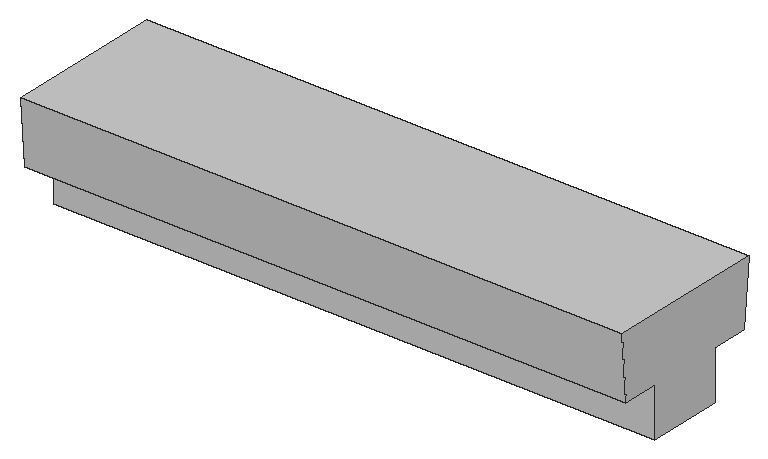
Revit family "2b135603270c40a08458b81478bce969", category Structural Framing, Revit 2025
Family settings
  Display in Hidden Views = Edges Hidden by Beam Itself
  Structural Framing Length Roundoff = 0 mm
  Section Shape = Not Defined
  Material for Model Behavior = Concrete
  Always export as geometry = No
  OmniClass Number = 23.25.30.11.14.14
  OmniClass Title = Beams
  Seek Item ID = Pan Joist With Ledges-0000-CAN-ENU
  Always vertical = Yes
  Cut with Voids When Loaded = No
  Symbolic Representation = From Family
  Shared = No
  Show family pre-cut in plan views = Yes
Parameters (values of type "150 x 350")
  Taper Right Dim = if(Taper Right, 1, 0) * (Adjacent Beam Depth - Slab Thickness) / 12  # 10.833 mm
  Taper Right = yes
  Taper Left Dim = if(Taper Left, 1, 0) * (Adjacent Beam Depth - Slab Thickness) / 12  # 10.833 mm
  Taper Left = yes
  Structural Material [instance] = Concrete, Cast-in-Place gray
  Slab Thickness = 120 mm
  Pan Infill Right = 75 mm
  Pan Infill Left = 75 mm
  Assembly Code = "B10"
  Length [instance] = 1500 mm
  b = 150 mm
  h = 350 mm
  Adjacent Beam Depth = 250 mm
Types (17, lengths in mm): name | Taper Right Dim | Taper Right | Taper Left Dim | Taper Left | Pan Infill Right | Pan Infill Left | h | Adjacent Beam Depth
  (no name) | 10.833 | yes | 10.833 | yes | 75 | 75 | 350 | 250
  150 x 350 | 10.833 | yes | 10.833 | yes | 75 | 75 | 350 | 250
  150 x 400 | 15 | yes | 15 | yes | 75 | 75 | 400 | 300
  150 x 500 | 19.167 | yes | 19.167 | yes | 75 | 75 | 500 | 350
  150 x 600 | 23.333 | yes | 23.333 | yes | 75 | 75 | 600 | 400
  150 x 350 Edge Beam 1 | 0 | no | 0 | no | 75 | 0 | 350 | 250
  150 x 350 Edge Beam 2 | 0 | no | 0 | no | 0 | 75 | 350 | 250
  150 x 400 Edge Beam 1 | 0 | no | 0 | no | 75 | 0 | 400 | 300
  150 x 400 Edge Beam 2 | 0 | no | 0 | no | 0 | 75 | 400 | 300
  150 x 500 Edge Beam 1 | 0 | no | 0 | no | 75 | 0 | 500 | 350
  150 x 500 Edge Beam 2 | 0 | no | 0 | no | 0 | 75 | 500 | 350
  150 x 600 Edge Beam 1 | 0 | no | 0 | no | 75 | 0 | 600 | 400
  150 x 600 Edge Beam 2 | 0 | no | 0 | no | 0 | 75 | 600 | 400
  150 x 350 T-Shape | 0 | no | 0 | no | 75 | 75 | 350 | 250
  150 x 400 T-Shape | 0 | no | 0 | no | 75 | 75 | 400 | 300
  150 x 500 T-Shape | 0 | no | 0 | no | 75 | 75 | 500 | 350
  150 x 600 T-Shape | 0 | no | 0 | no | 75 | 75 | 600 | 400
Reference planes
  plane 1 "Center (Front/Back)": y = 0
  plane 2: z = 0
  plane 3 "Center (Left/Right)": x = 4.61
  plane 4 "Member Left": x = -604.99
  plane 5 "Member Right": x = 614.21
  plane 6: y = 75
  plane 7: y = -75
  plane 8 "Top Of Slab": z = 175
  plane 9 "Bottom": z = -175
  plane 10 "Left": x = -757.39
  plane 11 "Right": x = 742.61
  plane 12: y = -160.833
  plane 13: y = 160.833
  plane 14 "Top Of Joist": z = 55
  plane 15: y = 150
  plane 16: y = -150
  plane 17: z = -75
Forms (mm)
  Sweep 1, solid, material "Concrete, Cast-in-Place gray" <- "Structural Material"
    path origin (0, 0, 0) x (1, 0, 0) y (0, 1, 0)
      loop
        line (614.21, 0) -> (-604.99, 0)
    profile origin (4.61, 0, 0) x (0, -1, 0) y (0, 0, 1)
      loop
        line (-160.833, 55) -> (-150, -75) -> (150, -75) -> (160.833, 55) -> (-160.833, 55)
  Sweep 2, solid, material "Concrete, Cast-in-Place gray" <- "Structural Material"
    path origin (0, 0, -139.7) x (1, 0, 0) y (0, 1, 0)
      loop
        line (614.21, 0) -> (-604.99, 0)
    profile origin (4.61, 0, -139.7) x (0, -1, 0) y (0, 0, 1)
      loop
        line (-75, 64.7) -> (-75, -35.3) -> (75, -35.3) -> (75, 64.7) -> (-75, 64.7)
Cuts and joins
  joined: Sweep 1, Sweep 2
Dimensions and locks
  "b": plane 6 to plane 7
  equal spacing: plane 9 "Bottom", plane 2, plane 8 "Top Of Slab"
  equal spacing: plane 6, plane 1 "Center (Front/Back)", plane 7
  "h": plane 9 "Bottom" to plane 8 "Top Of Slab"
  "Length": plane 10 "Left" to plane 11 "Right"
  "Slab Thickness": plane 8 "Top Of Slab" to plane 14 "Top Of Joist"
  "Pan Infill Left": plane 15 to plane 6
  "Pan Infill Right": plane 7 to plane 16
  "Adjacent Beam Depth": plane 8 "Top Of Slab" to plane 17
  "Taper Right Dim": plane 16 to plane 12
  "Taper Left Dim": plane 13 to plane 15
  level to plane 2 = 0 mm
  aligned and locked: Sweep 1 sketch curve to plane 1 "Center (Front/Back)"
  aligned and locked: plane 4 "Member Left" to Sweep 1 sketch curve
  aligned and locked: plane 5 "Member Right" to Sweep 1 sketch curve
  aligned and locked: plane 6 to Sweep 2 sketch curve
  aligned and locked: Sweep 2 sketch curve to plane 17
  aligned and locked: plane 9 "Bottom" to Sweep 2 sketch curve
  aligned and locked: plane 7 to Sweep 2 sketch curve
  aligned and locked: plane 13 to Sweep 1 sketch curve
  aligned and locked: plane 12 to Sweep 1 sketch curve
  aligned and locked: plane 15 to Sweep 1 sketch curve
  aligned and locked: plane 16 to Sweep 1 sketch curve
  aligned and locked: Sweep 1 sketch curve to plane 17
  aligned and locked: Sweep 1 sketch curve to plane 14 "Top Of Joist"
  aligned and locked: plane 9 "Bottom" to cut or joined group of Sweep 1, Sweep 2
  aligned and locked: cut or joined group of Sweep 1, Sweep 2 to plane 17
  aligned and locked: plane 14 "Top Of Joist" to cut or joined group of Sweep 1, Sweep 2
Automatic sketch dimensions
  Sweep 2 sketch curve to plane 1 "Center (Front/Back)" = 0 mm
  Sweep 2 sketch curve to plane 4 "Member Left" = 0 mm
  Sweep 2 sketch curve to plane 5 "Member Right" = 0 mm
